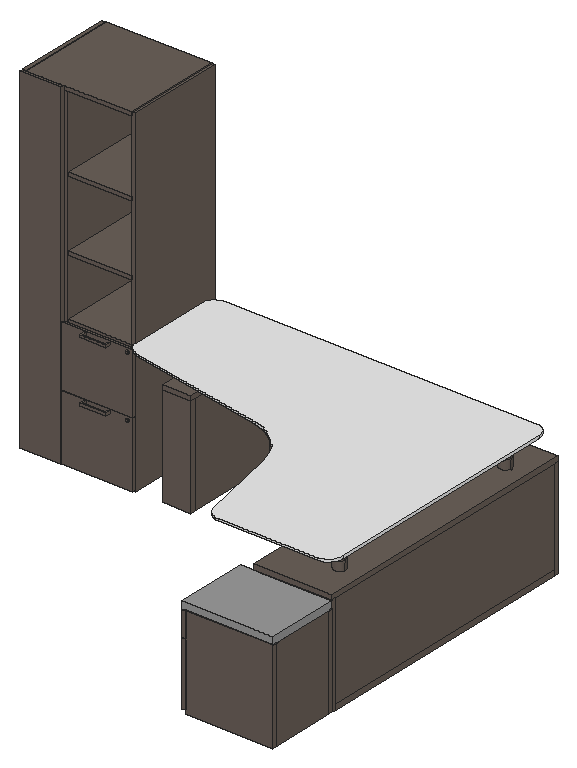
Revit family "OFS TYPICAL S100219", category Furniture, Revit 2022
Family settings
  OmniClass Number = 23.40.20.00
  OmniClass Title = General Furniture and Specialties
  Work Plane-Based = No
  Always vertical = Yes
  Cut with Voids When Loaded = No
  Render Appearance Source = Family Geometry
  Shared = No
  Room Calculation Point = No
Parameters (values of type "S100219")
  URL = "http://ofs.com/"
  Model = "S100219"
  Manufacturer = "OFS"
  Description = "OFS TYPICAL S100219"
  Default Elevation = 0' - 0"
  Copyright © = "©OFS 2024"
  Catalog = ""
  Authoring Version = "Autodesk Revit 2018"
  Assembly Code = "E2020200"
Reference planes (in)
  plane 1 "Center Front/Back": y = 0
  plane 2: z = 0
  plane 3 "Center Left/Right": x = 0
Dimensions and locks (in)
  aligned and locked: level to plane 2
Nested families (in)
  nested 1: "STAKS MOBILE PEDESTAL" at (52.74965, -46.89789, 0) x (0, -1, 0) z (0, 0, 1), type "STAKS MOBILE PEDESTAL Unfinished Top"
  nested 2: "STAKS SEAT CUSHION FOR MOBILE PEDESTAL" at (73.50035, -88.78911, 0) x (0, 1, 0) z (0, 0, 1), type "STAKS SEAT CUSHION FOR MOBILE PEDESTAL"
  nested 3: "STAKS WARDROBE DOOR-OPEN-FILE-FILE STORAGE TOWERS 72H Left" at (-32.86748, 1.08365, 0), type "STAKS WARDROBE OPEN-DOOR-FILE-FILE STORAGE TOWER 72H 24W Left Sided"
    with Height Above Floor 6' - 0"
  nested 4: "OFS STAKS HEIGHT ADJUSTABLE SWEEP TOP DESK 74x60 Top 16D Cabinet" at (59.75, -30, 0) x (0, -1, 0) z (0, 0, 1), type "HA Sweep Top Desk 74x60 Left w 16D Cabinet"
    with Worksurface Height 2' - 3", Right Column no, Right 4H4 no, Leg Caps Material OFS STAKS Chasis Wood Grain Laminate, Left Column no, Left 4H4 yes, H4H Height Adjustable Panel Base Option yes, Columns Finish OFS STAKS Chasis Wood Grain Laminate, Chassis Finish OFS STAKS Chasis Wood Grain Laminate
Definition of nested family "STAKS MOBILE PEDESTAL"
  Parameters (values of type "STAKS MOBILE PEDESTAL Finished Top")
    Wheel Caster Material = none
    URL = "http://www.ofs.com/"
    Top Thickness = 0' - 1 1/8"
    Top Surface Material = none
    Surface = yes
    Riser Support = 0' - 0 1/2"
    Model = "6-1619MP7"
    Manufacturer = "OFS"
    Height = 1' - 8 1/4"
    Drawer Material = none
    Drawer Handle Width = 0' - 5 7/16"
    Drawer Handle Material = none
    Description = "OFS STAKS MOBILE PEDESTAL Finished Top, No Cushion"
    Width = 1' - 3 5/8"
    Depth = 1' - 7 1/4"
    Default Elevation = 0' - 0"
    DH2 = 0' - 6 1/2"
    DH1 = 1' - 2 3/8"
    Copyright © = "© 2018 OFS"
    Chasis Material = none
    Catalog = "https://ofs.com/products/casegoods/private-office/staks"
    Board Thickness = 0' - 0 3/4"
    Authoring Version = "Autodesk Revit Architecture 2013"
    Assembly Code = "E2020200"
  Types (2): name | Surface | Model | Description
    STAKS MOBILE PEDESTAL Finished Top | yes | "6-1619MP7" | "OFS STAKS MOBILE PEDESTAL Finished Top, No Cushion"
    STAKS MOBILE PEDESTAL Unfinished Top | no | "6-1619MP8" | "OFS STAKS MOBILE PEDESTAL Unfinished Top, Must use with Cushion"
  Reference planes (in)
    plane 1: z = 0
    plane 2 "Right": x = 20.97711
    plane 3: z = 20.125
    plane 4: z = 14.875
    plane 5: z = 14.75
    plane 6: z = 0.5
    plane 7: z = 14.5
    plane 8: z = 19.875
    plane 9: z = 14.031
    plane 10: z = 19.40625
    plane 11: x = 13.16461
    plane 12: y = 1.50035
    plane 13: y = 0.75035
    plane 14: x = 13.22711
    plane 15: x = 28.72661
    plane 16: x = 13.91461
    plane 17: y = 20.00035
    plane 18: x = 28.78961
    plane 19: x = 28.03961
    plane 20: x = 18.25836
    plane 21: x = 18.63336
    plane 22: x = 23.69586
    plane 23: x = 23.32086
    plane 24: y = -0.06215
    plane 25: y = -0.24965
    plane 26: z = 0.75
    plane 27: y = 19.25035
    plane 28: z = 1.25
    plane 29: z = 20.25
    plane 30: z = 21.375
    plane 31: z = 2.25
    plane 32: z = 3
  Forms (in)
    Extrusion 1, solid, material <- "Drawer Material"
      sketch origin (20.35211, 2.25, -7.68015) x (0, 1, 0) y (0, 0, 1)
        loop
          line (-1.49965, 27.80515) -> (-1.49965, 22.55515) -> (-0.74965, 22.55515) -> (-0.74965, 27.80515) -> (-1.49965, 27.80515)
      from -7.125 to 8.3745
    Extrusion 2, solid, material <- "Chasis Material"
      sketch origin (-3, -1.24965, 0) x (1, 0, 0) y (0, 0, 1)
        loop
          line (16.16461, 0.5) -> (16.91461, 0.5) -> (16.91461, 20.125) -> (16.16461, 20.125) -> (16.16461, 0.5)
      from -21.25 to -2.75
    Extrusion 3, solid, material <- "Chasis Material"
      sketch origin (19.35211, 31.02324, 0) x (0, 1, 0) y (0, 0, 1)
        loop
          line (-11.77289, 0.5) -> (-11.02289, 0.5) -> (-11.02289, 20.125) -> (-11.77289, 20.125) -> (-11.77289, 0.5)
      from -5.4375 to 8.6875
    Extrusion 4, solid, material <- "Drawer Handle Material"
      sketch origin (9, 0, 20.67137) x (1, 0, 0) y (0, 1, 0)
        loop
          line (9.25836, 0.75035) -> (9.25836, -0.24965) -> (14.69586, -0.24965) -> (14.69586, 0.75035) -> (14.32086, 0.75035) -> (14.32086, -0.06215) -> (9.63336, -0.06215) -> (9.63336, 0.75035) -> (9.25836, 0.75035)
      from -1.26512 to -0.79637
    Extrusion 5, solid, material <- "Chasis Material"
      sketch origin (0, 0, 0) x (1, 0, 0) y (0, 1, 0)
        loop
          line (28.78961, 20.00035) -> (28.03961, 20.00035) -> (28.03961, 1.50035) -> (28.78961, 1.50035) -> (28.78961, 20.00035)
      from 0.5 to 20.125
    Extrusion 6, solid, material <- "Chasis Material"
      sketch origin (-29.79592, -7.12465, 7.24693) x (1, 0, 0) y (0, 0, 1)
        loop
          line (43.71054, 12.15932) -> (57.83554, 12.15932) -> (57.83554, 12.87807) -> (43.71054, 12.87807) -> (43.71054, 12.15932)
      from -26.375 to -8.625
    Extrusion 7, solid, material <- "Chasis Material"
      sketch origin (-31.5409, -1.62465, -42.72261) x (1, 0, 0) y (0, 0, 1)
        loop
          line (45.45551, 44.97261) -> (59.58051, 44.97261) -> (59.58051, 45.72261) -> (45.45551, 45.72261) -> (45.45551, 44.97261)
      from -20.875 to -3.125
    Extrusion 8, solid
      sketch origin (0, 0, 0) x (1, 0, 0) y (0, 1, 0)
        loop
          line (28.72661, 20.00035) -> (28.03961, 20.00035) -> (28.03961, 1.50035) -> (28.72661, 1.50035) -> (28.72661, 20.00035)
        loop
          line (13.22711, 20.00035) -> (13.22711, 1.50035) -> (13.91461, 1.50035) -> (13.91461, 20.00035) -> (13.22711, 20.00035)
      from 20.125 to 20.25
    Extrusion 9, solid, material <- "Wheel Caster Material"
      sketch origin (-12.02289, 0, 0) x (0, 1, 0) y (0, 0, 1)
        loop
          circle (17.50791, 0.94006) r 0.94006
        loop
          arc (16.53801, 0.5) -> (17.50791, 2.00512) -> (18.47781, 0.5) r 1.06506
          line (18.47781, 0.5) -> (18.61362, 0.5)
          arc (18.61362, 0.5) -> (17.50791, 2.13012) -> (16.4022, 0.5) r 1.19006
          line (16.4022, 0.5) -> (16.53801, 0.5)
        loop
          circle (3.25244, 0.94006) r 0.94006
        loop
          arc (2.28254, 0.5) -> (3.25244, 2.00512) -> (4.22233, 0.5) r 1.06506
          line (4.22233, 0.5) -> (4.35815, 0.5)
          arc (4.35815, 0.5) -> (3.25244, 2.13012) -> (2.14673, 0.5) r 1.19006
          line (2.14673, 0.5) -> (2.28254, 0.5)
      from 26.37597 to 26.87077
    Extrusion 10, solid, material <- "Wheel Caster Material"
      sketch origin (-10.98383, 0, 0) x (0, 1, 0) y (0, 0, 1)
        loop
          circle (17.50791, 0.94006) r 0.94006
        loop
          arc (16.53801, 0.5) -> (17.50791, 2.00512) -> (18.47781, 0.5) r 1.06506
          line (18.47781, 0.5) -> (18.61362, 0.5)
          arc (18.61362, 0.5) -> (17.50791, 2.13012) -> (16.4022, 0.5) r 1.19006
          line (16.4022, 0.5) -> (16.53801, 0.5)
        loop
          circle (3.25244, 0.94006) r 0.94006
        loop
          arc (2.28254, 0.5) -> (3.25244, 2.00512) -> (4.22233, 0.5) r 1.06506
          line (4.22233, 0.5) -> (4.35815, 0.5)
          arc (4.35815, 0.5) -> (3.25244, 2.13012) -> (2.14673, 0.5) r 1.19006
          line (2.14673, 0.5) -> (2.28254, 0.5)
      from 26.37597 to 26.87077
    Extrusion 11, solid, material <- "Wheel Caster Material"
      sketch origin (53.97711, 0, 0) x (0, 1, 0) y (0, 0, -1)
        loop
          circle (17.50791, -0.94006) r 0.94006
        loop
          line (16.53801, -0.5) -> (16.4022, -0.5)
          arc (16.4022, -0.5) -> (17.50791, -2.13012) -> (18.61362, -0.5) r 1.19006
          line (18.61362, -0.5) -> (18.47781, -0.5)
          arc (18.47781, -0.5) -> (17.50791, -2.00512) -> (16.53801, -0.5) r 1.06506
        loop
          circle (3.25244, -0.94006) r 0.94006
        loop
          line (2.28254, -0.5) -> (2.14673, -0.5)
          arc (2.14673, -0.5) -> (3.25244, -2.13012) -> (4.35815, -0.5) r 1.19006
          line (4.35815, -0.5) -> (4.22233, -0.5)
          arc (4.22233, -0.5) -> (3.25244, -2.00512) -> (2.28254, -0.5) r 1.06506
      from 26.37597 to 26.87077
    Extrusion 12, solid, material <- "Wheel Caster Material"
      sketch origin (52.93805, 0, 0) x (0, 1, 0) y (0, 0, -1)
        loop
          circle (17.50791, -0.94006) r 0.94006
        loop
          line (16.53801, -0.5) -> (16.4022, -0.5)
          arc (16.4022, -0.5) -> (17.50791, -2.13012) -> (18.61362, -0.5) r 1.19006
          line (18.61362, -0.5) -> (18.47781, -0.5)
          arc (18.47781, -0.5) -> (17.50791, -2.00512) -> (16.53801, -0.5) r 1.06506
        loop
          circle (3.25244, -0.94006) r 0.94006
        loop
          line (2.28254, -0.5) -> (2.14673, -0.5)
          arc (2.14673, -0.5) -> (3.25244, -2.13012) -> (4.35815, -0.5) r 1.19006
          line (4.35815, -0.5) -> (4.22233, -0.5)
          arc (4.22233, -0.5) -> (3.25244, -2.00512) -> (2.28254, -0.5) r 1.06506
      from 26.37597 to 26.87077
    Extrusion 13, solid, material <- "Top Surface Material", visible <- "Surface"
      sketch origin (-25.91712, 0.87535, -18.36336) x (1, 0, 0) y (0, 0, 1)
        loop
          line (39.08173, 38.61336) -> (54.70673, 38.61336) -> (54.70673, 39.73836) -> (39.08173, 39.73836) -> (39.08173, 38.61336)
      from -19.125 to 0.125
    Extrusion 14, solid, material <- "Top Surface Material", visible <- "Surface"
      sketch origin (-25.91712, 0.87535, -24.36336) x (1, 0, 0) y (0, 0, 1)
        loop
          line (39.83173, 38.39436) -> (53.95673, 38.39436) -> (53.95673, 39.23836) -> (39.83173, 39.23836) -> (39.83173, 38.39436)
      from -18.375 to -0.625
    Extrusion 15, solid, material <- "Drawer Material"
      sketch origin (16.97736, 2.25, -16.30921) x (0, 1, 0) y (0, 0, 1)
        loop
          line (-1.49965, 31.05921) -> (-1.49965, 17.55921) -> (-0.74965, 17.55921) -> (-0.74965, 31.05921) -> (-1.49965, 31.05921)
      from -3.75025 to 11.74925
    Extrusion 16, solid, material <- "Drawer Handle Material"
      sketch origin (8.56588, 0, 18.20936) x (1, 0, 0) y (0, 1, 0)
        loop
          line (9.69248, 0.75035) -> (9.69248, -0.24965) -> (15.12998, -0.24965) -> (15.12998, 0.75035) -> (14.75498, 0.75035) -> (14.75498, -0.06215) -> (10.06748, -0.06215) -> (10.06748, 0.75035) -> (9.69248, 0.75035)
      from -4.17836 to -3.70936
  Dimensions and locks (in)
    "Board Thickness": plane 13 to plane 12
    locked: plane 11 to plane 14 at 0.0625
    "Board Thickness": plane 11 to plane 16
    locked: plane 15 to plane 18 at 0.063
    "Width": plane 11 to plane 18
    Extrusion 5 sketch curve to plane 18 = 0' - 0 3/4"
    "Board Thickness": plane 19 to plane 18
    equal spacing: plane 11, plane 2 "Right", plane 18
    locked: plane 20 to plane 21 at 0.375
    locked: plane 23 to plane 22 at 0.375
    equal spacing: plane 20, plane 2 "Right", plane 22
    "Drawer Handle Width": plane 20 to plane 22
    plane 25 to plane 24 to plane 13 = 0' - 0 3/16" locked, 0' - 0 13/16" locked
    "Riser Support": plane 6 to level
    "DH1": plane 4 to plane 6
    locked: plane 26 to plane 6 at 0.25
    "Board Thickness": plane 27 to plane 17
    "Depth": plane 13 to plane 17
    plane 4 to plane 5 to plane 7 to plane 9 = 0' - 0 1/8" locked, 0' - 0 1/4" locked, 0' - 0.469" locked
    plane 3 to plane 8 to plane 10 = 0' - 0 1/4" locked, 0' - 0 15/32" locked
    "Board Thickness": plane 28 to plane 6
    locked: plane 29 to plane 3 at 0.125
    "Top Thickness": plane 30 to plane 29
    "Height": plane 29 to level
    locked: plane 31 to plane 28 at 1
    locked: plane 32 to plane 31 at 0.75
    aligned and locked: level to plane 1
    aligned and locked: Extrusion 1 to plane 12
    aligned and locked: plane 13 to Extrusion 1
    aligned and locked: plane 15 to Extrusion 1
    aligned and locked: Extrusion 1 to plane 14
    aligned and locked: plane 12 to Extrusion 2
    aligned and locked: Extrusion 2 to plane 17
    aligned and locked: Extrusion 3 to plane 16
    aligned and locked: plane 16 to Extrusion 2
    aligned and locked: Extrusion 2 to plane 11
    aligned and locked: Extrusion 3 to plane 17
    aligned and locked: plane 19 to Extrusion 3
    aligned and locked: plane 3 to Extrusion 2
    aligned and locked: Extrusion 4 to plane 22
    aligned and locked: plane 23 to Extrusion 4
    aligned and locked: plane 21 to Extrusion 4
    aligned and locked: Extrusion 4 to plane 20
    aligned and locked: plane 24 to Extrusion 4
    aligned and locked: plane 3 to Extrusion 3
    aligned and locked: Extrusion 5 to plane 19
    aligned and locked: plane 3 to Extrusion 5
    aligned and locked: Extrusion 5 to plane 6
    aligned and locked: plane 3 to Extrusion 6
    aligned and locked: Extrusion 6 to plane 10
    aligned and locked: Extrusion 7 to plane 27
    aligned and locked: plane 12 to Extrusion 7
    aligned and locked: plane 19 to Extrusion 7
    aligned and locked: Extrusion 7 to plane 16
    aligned and locked: Extrusion 8 to plane 3
    aligned and locked: plane 29 to Extrusion 8
    aligned and locked: plane 3 to Extrusion 1
    aligned and locked: plane 8 to Extrusion 4
    aligned and locked: Extrusion 4 to plane 10
    aligned and locked: Extrusion 6 to plane 27
    aligned and locked: plane 12 to Extrusion 6
    aligned and locked: Extrusion 7 to plane 31
    aligned and locked: plane 32 to Extrusion 7
    aligned and locked: Extrusion 13 to plane 29
    aligned and locked: plane 30 to Extrusion 13
    aligned and locked: Extrusion 13 to plane 17
    aligned and locked: Extrusion 13 to plane 11
    aligned and locked: plane 18 to Extrusion 13
    aligned and locked: plane 13 to Extrusion 13
    aligned and locked: Extrusion 14 to plane 9
    aligned and locked: plane 4 to Extrusion 14
    aligned and locked: Extrusion 14 to plane 16
    aligned and locked: plane 19 to Extrusion 14
    aligned and locked: Extrusion 14 to plane 27
    aligned and locked: plane 12 to Extrusion 14
    aligned and locked: Extrusion 1 to plane 4
    aligned and locked: plane 5 to Extrusion 15
    aligned and locked: Extrusion 15 to plane 14
    aligned and locked: plane 15 to Extrusion 15
    aligned and locked: Extrusion 15 to plane 28
    aligned and locked: plane 21 to Extrusion 16
    aligned and locked: Extrusion 16 to plane 20
    aligned and locked: Extrusion 16 to plane 22
    aligned and locked: plane 23 to Extrusion 16
    aligned and locked: Extrusion 16 to plane 9
    aligned and locked: plane 7 to Extrusion 16
  Automatic sketch dimensions
    Extrusion 1 sketch curve to plane 3 = 0' - 0"
    Extrusion 1 sketch curve to plane 13 = 0' - 0"
    Extrusion 1 sketch curve to plane 4 = 0' - 0"
    Extrusion 1 sketch curve to plane 12 = 0' - 0"
    Extrusion 2 sketch curve to plane 6 = 0' - 0"
    Extrusion 2 sketch curve to plane 11 = 0' - 0"
    Extrusion 2 sketch curve to plane 3 = 0' - 0"
    Extrusion 2 sketch curve to plane 16 = 0' - 0"
    Extrusion 3 sketch curve to plane 6 = 0' - 0"
    Extrusion 3 sketch curve to plane 3 = 0' - 0"
    Extrusion 3 sketch curve to plane 17 = 0' - 0"
    plane 27 to Extrusion 3 sketch curve = 0' - 0"
    plane 13 to Extrusion 4 sketch curve = 0' - 0"  (x2)
    Extrusion 4 sketch curve to plane 20 = 0' - 0"
    Extrusion 4 sketch curve to plane 21 = 0' - 0"
    Extrusion 4 sketch curve to plane 23 = 0' - 0"
    Extrusion 4 sketch curve to plane 22 = 0' - 0"
    plane 25 to Extrusion 4 sketch curve = 0' - 0"
    plane 24 to Extrusion 4 sketch curve = 0' - 0"
    plane 12 to Extrusion 5 sketch curve = 0' - 0"
    Extrusion 5 sketch curve to plane 18 = 0' - 0"
    plane 17 to Extrusion 5 sketch curve = 0' - 0"
    Extrusion 6 sketch curve to plane 10 = 0' - 0"
    Extrusion 6 sketch curve to plane 16 = 0' - 0"
    Extrusion 6 sketch curve to plane 3 = 0' - 0"
    Extrusion 6 sketch curve to plane 19 = 0' - 0"
    Extrusion 7 sketch curve to plane 16 = 0' - 0"
    Extrusion 7 sketch curve to plane 19 = 0' - 0"
    Extrusion 7 sketch curve to plane 31 = 0' - 0"
    Extrusion 7 sketch curve to plane 32 = 0' - 0"
    plane 12 to Extrusion 8 sketch curve = 0' - 0"  (x2)
    Extrusion 8 sketch curve to plane 14 = 0' - 0"
    Extrusion 8 sketch curve to plane 16 = 0' - 0"
    plane 17 to Extrusion 8 sketch curve = 0' - 0"  (x2)
    Extrusion 8 sketch curve to plane 19 = 0' - 0"
    Extrusion 8 sketch curve to plane 15 = 0' - 0"
    Extrusion 9 sketch curve to Extrusion 9 sketch curve = 0' - 0"  (x12)
    Extrusion 9 sketch curve to plane 6 = 0' - 0"  (x6)
    Extrusion 9 sketch curve to plane 12 = 0' - 0.64638"
    Extrusion 9 sketch curve to Extrusion 9 sketch curve = 0' - 0.13581"  (x2)
    Extrusion 9 sketch curve to Extrusion 9 sketch curve = 0' - 1.93979"
    plane 27 to Extrusion 9 sketch curve = 0' - 2.84815"
    plane 26 to Extrusion 9 sketch curve = 0' - 0.19006"  (x2)
    Extrusion 9 sketch curve to Extrusion 9 sketch curve = 0' - 0.9699"
    Extrusion 10 sketch curve to Extrusion 10 sketch curve = 0' - 0"  (x12)
    Extrusion 10 sketch curve to plane 6 = 0' - 0"  (x6)
    Extrusion 10 sketch curve to plane 12 = 0' - 0.64638"
    Extrusion 10 sketch curve to Extrusion 10 sketch curve = 0' - 0.13581"  (x2)
    Extrusion 10 sketch curve to Extrusion 10 sketch curve = 0' - 1.93979"
    plane 27 to Extrusion 10 sketch curve = 0' - 2.84815"
    plane 26 to Extrusion 10 sketch curve = 0' - 0.19006"  (x2)
    Extrusion 10 sketch curve to Extrusion 10 sketch curve = 0' - 0.9699"
    Extrusion 11 sketch curve to Extrusion 11 sketch curve = 0' - 0"  (x12)
    Extrusion 11 sketch curve to plane 6 = 0' - 0"  (x6)
    Extrusion 11 sketch curve to plane 12 = 0' - 0.64638"
    Extrusion 11 sketch curve to Extrusion 11 sketch curve = 0' - 0.13581"  (x2)
    Extrusion 11 sketch curve to Extrusion 11 sketch curve = 0' - 1.93979"
    plane 27 to Extrusion 11 sketch curve = 0' - 2.84815"
    plane 26 to Extrusion 11 sketch curve = 0' - 0.19006"  (x2)
    Extrusion 11 sketch curve to Extrusion 11 sketch curve = 0' - 0.9699"
    Extrusion 12 sketch curve to Extrusion 12 sketch curve = 0' - 0"  (x12)
    Extrusion 12 sketch curve to plane 6 = 0' - 0"  (x6)
    Extrusion 12 sketch curve to plane 12 = 0' - 0.64638"
    Extrusion 12 sketch curve to Extrusion 12 sketch curve = 0' - 0.13581"  (x2)
    Extrusion 12 sketch curve to Extrusion 12 sketch curve = 0' - 1.93979"
    plane 27 to Extrusion 12 sketch curve = 0' - 2.84815"
    plane 26 to Extrusion 12 sketch curve = 0' - 0.19006"  (x2)
    Extrusion 12 sketch curve to Extrusion 12 sketch curve = 0' - 0.9699"
    Extrusion 13 sketch curve to plane 11 = 0' - 0"
    Extrusion 13 sketch curve to plane 18 = 0' - 0"
    Extrusion 13 sketch curve to plane 29 = 0' - 0"
    Extrusion 13 sketch curve to plane 30 = 0' - 0"
    Extrusion 14 sketch curve to plane 9 = 0' - 0"
    Extrusion 14 sketch curve to plane 16 = 0' - 0"
    Extrusion 14 sketch curve to plane 4 = 0' - 0"
    Extrusion 14 sketch curve to plane 19 = 0' - 0"
    Extrusion 15 sketch curve to plane 5 = 0' - 0"
    Extrusion 15 sketch curve to plane 13 = 0' - 0"
    Extrusion 15 sketch curve to plane 12 = 0' - 0"
    Extrusion 15 sketch curve to plane 28 = 0' - 0"
    plane 13 to Extrusion 16 sketch curve = 0' - 0"  (x2)
    plane 25 to Extrusion 16 sketch curve = 0' - 0"
    plane 24 to Extrusion 16 sketch curve = 0' - 0"
    Extrusion 16 sketch curve to plane 20 = 0' - 0"
    plane 20 to Extrusion 16 sketch curve = 0' - 0 3/8"
    plane 23 to Extrusion 16 sketch curve = 0' - 0"
    Extrusion 16 sketch curve to plane 23 = 0' - 0 3/8"
    radius of Extrusion 9 sketch curve = 0' - 0.94006"  (x2)
    radius of Extrusion 10 sketch curve = 0' - 0.94006"  (x2)
    radius of Extrusion 11 sketch curve = 0' - 0.94006"  (x2)
    radius of Extrusion 12 sketch curve = 0' - 0.94006"  (x2)
Definition of nested family "STAKS SEAT CUSHION FOR MOBILE PEDESTAL"
  Parameters (values of type "STAKS SEAT CUSHION FOR MOBILE PEDESTAL")
    URL = "http://www.ofs.com/"
    Default Elevation = 0' - 0"
    Cushion Thickness = 0' - 1 1/2"
    Cushion Material = none
    Model = "6-1619SC2"
    Manufacturer = "OFS"
    Height = 1' - 8 1/4"
    Description = "OFS STAKS SEAT CUSHION FOR MOBILE PEDESTAL,"
    Width = 1' - 3 5/8"
    Depth = 1' - 7 1/4"
    Copyright © = "© 2018 OFS"
    Catalog = "https://ofs.com/products/casegoods/private-office/staks"
    Authoring Version = "Autodesk Revit Architecture 2013"
    Assembly Code = "E2020200"
  Reference planes (in)
    plane 1: z = 0
    plane 2 "Right": x = 20.97711
    plane 3: x = 13.16461
    plane 4: y = 1.50035
    plane 5: y = 0.75035
    plane 6: y = 20.00035
    plane 7: x = 28.78961
    plane 8: y = -0.06215
    plane 9: y = -0.24965
    plane 10: y = 19.25035
    plane 11: z = 20.25
    plane 12: z = 21.75
  Forms (in)
    Extrusion 1, solid, material <- "Cushion Material"
      sketch origin (-25.91712, 0.87535, -18.36336) x (1, 0, 0) y (0, 0, 1)
        loop
          line (39.08173, 38.61336) -> (54.70673, 38.61336) -> (54.70673, 40.11336) -> (39.08173, 40.11336) -> (39.08173, 38.61336)
      from -19.125 to 0.125
  Dimensions and locks (in)
    locked: plane 5 to plane 4 at 0.75
    "Width": plane 3 to plane 7
    equal spacing: plane 3, plane 2 "Right", plane 7
    plane 9 to plane 8 to plane 5 = 0' - 0 3/16" locked, 0' - 0 13/16" locked
    locked: plane 10 to plane 6 at 0.75
    "Depth": plane 5 to plane 6
    "Cushion Thickness": plane 12 to plane 11
    "Height": plane 11 to level
    aligned and locked: level to plane 1
    aligned and locked: Extrusion 1 to plane 11
    aligned and locked: plane 12 to Extrusion 1
    aligned and locked: Extrusion 1 to plane 6
    aligned and locked: Extrusion 1 to plane 3
    aligned and locked: plane 7 to Extrusion 1
    aligned and locked: plane 5 to Extrusion 1
  Automatic sketch dimensions
    Extrusion 1 sketch curve to plane 3 = 0' - 0"
    Extrusion 1 sketch curve to plane 7 = 0' - 0"
    Extrusion 1 sketch curve to plane 11 = 0' - 0"
    Extrusion 1 sketch curve to plane 12 = 0' - 0"
Definition of nested family "STAKS WARDROBE DOOR-OPEN-FILE-FILE STORAGE TOWERS 72H Left"
  Parameters (values of type "STAKS WARDROBE OPEN-DOOR-FILE-FILE STORAGE TOWER 72H 24W Left Sided")
    Wardrobe Width = 0' - 8 3/4"
    URL = "http://www.ofs.com/"
    Right Hinged = yes
    Left Hinged = yes
    Height Above Floor [instance] = 6' - 0"
    Height = 6' - 0"
    Front Doors Material = none
    Drawer Handle Width = 0' - 5 1/2"
    Drawer Handle Material = none
    Default Elevation = 0' - 0"
    Back Material = none
    Depth = 1' - 9 7/8"
    Model = "6-2472LSC9"
    Manufacturer = "OFS"
    Description = "OFS STAKS WARDROBE OPEN-DOOR-FILE-FILE STORAGE TOWER 72\" Height, 24\" Width, Left Sided"
    Width = 2' - 0"
    Copyright © = "© 2018 OFS"
    Catalog = "https://ofs.com/products/casegoods/private-office/staks"
    Board Material = none
    Board Thickness = 0' - 0 3/4"
    Authoring Version = "Autodesk Revit Architecture 2013"
    Assembly Code = "E2020200"
  Types (3): name | Wardrobe Width | Drawer Handle Width | Model | Description | Width
    STAKS WARDROBE OPEN-DOOR-FILE-FILE STORAGE TOWER 72H 40W Left Sided | 1' - 0 3/8" | 1' - 3 1/2" | "6-4072LSC9" | "OFS STAKS WARDROBE OPEN-DOOR-FILE-FILE STORAGE TOWER 72\" Height, 40\" Width, Left Sided" | 3' - 4"
    STAKS WARDROBE OPEN-DOOR-FILE-FILE STORAGE TOWER 72H 24W Left Sided | 0' - 8 3/4" | 0' - 5 1/2" | "6-2472LSC9" | "OFS STAKS WARDROBE OPEN-DOOR-FILE-FILE STORAGE TOWER 72\" Height, 24\" Width, Left Sided" | 2' - 0"
    STAKS WARDROBE OPEN-DOOR-FILE-FILE STORAGE TOWER 72H 36W Left Sided | 1' - 0 3/8" | 1' - 3 1/2" | "6-3672LSC9" | "OFS STAKS WARDROBE OPEN-DOOR-FILE-FILE STORAGE TOWER 72\" Height, 36\" Width, Left Sided" | 3' - 0"
  Reference planes (in)
    plane 1: z = -0.125
    plane 2 "LEFT": x = 17.61748
    plane 3 "RIGHT": x = 32.86748
    plane 4 "BACK": y = -1.83365
    plane 5 "FRONT": y = -22.20865
    plane 6: x = 18.36748
    plane 7: x = 32.11748
    plane 8: z = -0.125
    plane 9 "SURFACE TOP": z = 71.875
    plane 10: z = 0.625
    plane 11: x = 25.24248
    plane 12: z = 71.125
    plane 13: y = -12.02115
    plane 14: y = -11.64615
    plane 15: y = -12.39615
    plane 16: x = 25.61748
    plane 17: x = 24.86748
    plane 18: y = -1.08365
    plane 19: y = -22.95865
    plane 20: x = 32.80498
    plane 21: x = 17.67998
    plane 22: x = 25.27373
    plane 23: x = 25.21123
    plane 24: z = 0.125
    plane 25: z = 71.8125
    plane 26: z = 14.25
    plane 27: z = 14.125
    plane 28: z = 13.875
    plane 29: z = 13.375
    plane 30: z = 14.625
    plane 31: x = 27.61748
    plane 32: x = 27.99248
    plane 33: x = 22.86748
    plane 34: x = 22.49248
    plane 35: x = 31.74248
    plane 36: z = 27.625
    plane 37: z = 26.875
    plane 38: z = 27.125
    plane 39: z = 26.375
    plane 40: z = 27.25
    plane 41: z = 40.625
    plane 42: z = 39.875
    plane 43: z = 40.125
    plane 44: z = 39.375
    plane 45: z = 40.25
    plane 46: x = 8.86748
    plane 47: x = 9.61748
    plane 48: x = 8.92998
    plane 49: x = 20.86748
  Forms (in)
    Extrusion 1, solid, material <- "Board Material"
      sketch origin (0, 0, 71.875) x (0, 1, 0) y (-1, 0, 0)
        loop
          line (-1.83365, -9.61748) -> (-22.20865, -9.61748) -> (-22.20865, -32.11748) -> (-1.83365, -32.11748) -> (-1.83365, -9.61748)
      from -71.25 to -72
    Extrusion 2, solid, material <- "Board Material"
      sketch origin (0, 0, 71.875) x (0, 1, 0) y (-1, 0, 0)
        loop
          line (-1.08365, -9.61748) -> (-1.08365, -8.86748) -> (-22.20865, -8.86748) -> (-22.20865, -9.61748) -> (-1.08365, -9.61748)
        loop
          line (-1.08365, -32.86748) -> (-1.08365, -32.11748) -> (-22.20865, -32.11748) -> (-22.20865, -32.86748) -> (-1.08365, -32.86748)
      from 0 to -72
    Extrusion 3, solid, material <- "Board Material"
      sketch origin (0, 0, 27.375) x (0, 1, 0) y (-1, 0, 0)
        loop
          line (-1.08365, -9.61748) -> (-22.20865, -9.61748) -> (-22.20865, -32.11748) -> (-1.08365, -32.11748) -> (-1.08365, -9.61748)
      from 44.5 to 43.75
    Extrusion 4, solid, material <- "Back Material"
      sketch origin (30.99601, 21.63396, 71.875) x (0, 1, 0) y (-1, 0, 0)
        loop
          line (-22.71762, 21.37853) -> (-23.46762, 21.37853) -> (-23.46762, -1.12147) -> (-22.71762, -1.12147) -> (-22.71762, 21.37853)
      from -0.75 to -72
    Extrusion 5, solid, material <- "Front Doors Material"
      sketch origin (28.16665, -47.42089, -0.125) x (0, 1, 0) y (-1, 0, 0)
        loop
          line (25.21224, -4.63833) -> (25.21224, 10.48667) -> (24.46224, 10.48667) -> (24.46224, -4.63833) -> (25.21224, -4.63833)
      from 14.25 to 0.25
    Extrusion 6, solid, material <- "Drawer Handle Material"
      sketch origin (0, 0, -0.125) x (0, 1, 0) y (-1, 0, 0)
        loop
          line (-22.95865, -22.49248) -> (-23.95865, -22.49248) -> (-23.95865, -27.99248) -> (-22.95865, -27.99248) -> (-22.95865, -27.61748) -> (-23.77115, -27.61748) -> (-23.77115, -22.86748) -> (-22.95865, -22.86748) -> (-22.95865, -22.49248)
      from 14 to 13.5
    Extrusion 7, solid, material <- "Drawer Handle Material"
      sketch origin (-6, 0.50035, 0) x (1, 0, 0) y (0, 0, 1)
        loop
          circle (37.74248, 13.37515) r 0.3125
      from 23.54204 to 23.459
    Extrusion 8, solid, material <- "Board Material"
      sketch origin (0, 0, 19.375) x (0, 1, 0) y (-1, 0, 0)
        loop
          line (-1.83365, -18.36748) -> (-22.20865, -18.36748) -> (-22.20865, -32.11748) -> (-1.83365, -32.11748) -> (-1.83365, -18.36748)
      from 8.25 to 7.5
    Extrusion 9, solid, material <- "Board Material"
      sketch origin (3.86279, 0, 12.94625) x (0, 1, 0) y (-1, 0, 0)
        loop
          line (-1.83365, -14.5047) -> (-22.20865, -14.5047) -> (-22.20865, -28.2547) -> (-1.83365, -28.2547) -> (-1.83365, -14.5047)
      from 1.67876 to 0.92876
    Extrusion 10, solid, material <- "Front Doors Material"
      sketch origin (28.16665, -47.42089, 14) x (0, 1, 0) y (-1, 0, 0)
        loop
          line (25.21224, -4.63833) -> (25.21224, 10.48667) -> (24.46224, 10.48667) -> (24.46224, -4.63833) -> (25.21224, -4.63833)
      from 13.125 to 0.25
    Extrusion 11, solid, material <- "Drawer Handle Material"
      sketch origin (0, 0, 14) x (0, 1, 0) y (-1, 0, 0)
        loop
          line (-22.95865, -22.49248) -> (-23.95865, -22.49248) -> (-23.95865, -27.99248) -> (-22.95865, -27.99248) -> (-22.95865, -27.61748) -> (-23.77115, -27.61748) -> (-23.77115, -22.86748) -> (-22.95865, -22.86748) -> (-22.95865, -22.49248)
      from 12.875 to 12.375
    Extrusion 12, solid, material <- "Drawer Handle Material"
      sketch origin (-6, 0.50035, 13) x (1, 0, 0) y (0, 0, 1)
        loop
          circle (37.74248, 13.37515) r 0.3125
      from 23.54204 to 23.459
    Extrusion 13, solid, material <- "Board Material"
      sketch origin (0, 0, 32.375) x (0, 1, 0) y (-1, 0, 0)
        loop
          line (-1.83365, -18.36748) -> (-22.20865, -18.36748) -> (-22.20865, -32.11748) -> (-1.83365, -32.11748) -> (-1.83365, -18.36748)
      from 8.25 to 7.5
    Extrusion 14, solid, material <- "Board Material"
      sketch origin (0, 0, 47.375) x (0, 1, 0) y (-1, 0, 0)
        loop
          line (-1.83365, -18.36748) -> (-22.20865, -18.36748) -> (-22.20865, -32.11748) -> (-1.83365, -32.11748) -> (-1.83365, -18.36748)
      from 8.25 to 7.5
    Extrusion 15, solid, material <- "Board Material"
      sketch origin (-15.88944, -1.8523, 71.875) x (0, 1, 0) y (-1, 0, 0)
        loop
          line (0.01865, -34.25692) -> (0.01865, -33.50692) -> (-20.35635, -33.50692) -> (-20.35635, -34.25692) -> (0.01865, -34.25692)
      from -0.75 to -71.25
    Extrusion 16, solid, material <- "Front Doors Material", visible <- "Left Hinged"
      sketch origin (-1.10933, -39.7067, 28.66756) x (0, 1, 0) y (-1, 0, 0)
        loop
          line (17.49804, -10.03931) -> (16.74804, -10.03931) -> (16.74804, -18.72681) -> (17.49804, -18.72681) -> (17.49804, -10.03931)
      from 43.14494 to -28.54256
  Cuts and joins
    joined: Extrusion 13, Extrusion 14
  Lines and regions (in)
    symbolic lines
      curve 1: line (15.61748, 0.50035, -0.125) -> (15.61748, 0.50035, 19.88327)
    symbolic lines, visible <- "Left Hinged"
      curve 2: arc (25.21123, -22.95865, 71.875) -> (25.1248, -24.09639, 71.875) -> (24.86748, -25.208, 71.875) r 7.53125
      curve 5: line (24.86748, -25.208, 71.875) -> (17.67998, -22.95865, 71.875)
    symbolic lines, visible <- "Right Hinged"
      curve 3: arc (24.8142, -22.95865, 71.875) -> (25.01761, -24.75014, 71.875) -> (25.61748, -26.45041, 71.875) r 7.99078
      curve 4: line (25.61748, -26.45041, 71.875) -> (32.80498, -22.95865, 71.875)
  Dimensions and locks (in)
    "Width": plane 46 to plane 3 "RIGHT"
    "Height": plane 9 "SURFACE TOP" to plane 8
    "Board Thickness": plane 2 "LEFT" to plane 6
    "Board Thickness": plane 7 to plane 3 "RIGHT"
    "Height Above Floor": plane 9 "SURFACE TOP" to level
    "Board Thickness": plane 10 to plane 8
    equal spacing: plane 2 "LEFT", plane 11, plane 3 "RIGHT"
    "Board Thickness": plane 9 "SURFACE TOP" to plane 12
    equal spacing: plane 4 "BACK", plane 13, plane 5 "FRONT"
    equal spacing: plane 14, plane 13, plane 15
    "Board Thickness": plane 14 to plane 15
    equal spacing: plane 17, plane 11, plane 16
    "Board Thickness": plane 17 to plane 16
    "Depth": plane 18 to plane 19
    "Board Thickness": plane 18 to plane 4 "BACK"
    "Board Thickness": plane 5 "FRONT" to plane 19
    locked: plane 20 to plane 3 "RIGHT" at 0.0625
    locked: plane 2 "LEFT" to plane 21 at 0.0625
    plane 23 to plane 11 to plane 22 = 0' - 0 1/32" locked, 0' - 0 1/32" locked
    locked: plane 24 to plane 8 at 0.25
    locked: plane 9 "SURFACE TOP" to plane 25 at 0.0625
    locked: plane 26 to plane 27 at 0.125
    plane 29 to plane 28 to plane 27 = 0' - 0 1/2" locked, 0' - 0 1/4" locked
    locked: plane 26 to level at 14.375
    equal spacing: plane 34, plane 11, plane 32
    "Drawer Handle Width": plane 34 to plane 32
    locked: plane 3 "RIGHT" to plane 35 at 1.125
    plane 37 to level = 2' - 3"
    locked: plane 36 to plane 37 at 0.75
    plane 39 to plane 38 = 0' - 0 3/4"
    locked: plane 40 to plane 38 at 0.125
    locked: plane 41 to plane 42 at 0.75
    locked: plane 45 to plane 43 at 0.125
    "Wardrobe Width": plane 46 to plane 2 "LEFT"
    "Board Thickness": plane 46 to plane 47
    plane 46 to plane 48 = 0' - 0 1/16"
    equal spacing: plane 46, plane 49, plane 3 "RIGHT"
    plane 34 to plane 33 = 0' - 0 3/8"
    plane 31 to plane 32 = 0' - 0 3/8"
    aligned: level to plane 1
    aligned and locked: Extrusion 1 sketch curve to plane 4 "BACK"
    aligned and locked: plane 5 "FRONT" to Extrusion 1 sketch curve
    aligned and locked: Extrusion 1 sketch curve to plane 7
    aligned and locked: Extrusion 2 sketch curve to plane 5 "FRONT"
    aligned and locked: Extrusion 2 sketch curve to plane 3 "RIGHT"
    aligned and locked: plane 9 "SURFACE TOP" to Extrusion 3
    aligned and locked: Extrusion 3 to plane 12
    aligned and locked: Extrusion 3 to plane 5 "FRONT"
    aligned and locked: Extrusion 3 to plane 7
    aligned and locked: Extrusion 4 to plane 4 "BACK"
    aligned and locked: plane 18 to Extrusion 4
    aligned and locked: Extrusion 3 to plane 18
    aligned and locked: plane 12 to Extrusion 4
    aligned and locked: plane 7 to Extrusion 4
    aligned and locked: Extrusion 4 to plane 8
    aligned and locked: plane 21 to Extrusion 5
    aligned and locked: Extrusion 5 to plane 20
    aligned and locked: Extrusion 5 to plane 27
    aligned and locked: Extrusion 5 to plane 24
    aligned and locked: Extrusion 6 to plane 28
    aligned and locked: plane 29 to Extrusion 6
    aligned and locked: Extrusion 6 to plane 32
    aligned and locked: plane 34 to Extrusion 6
    aligned and locked: Extrusion 6 to plane 33
    aligned and locked: plane 31 to Extrusion 6
    aligned and locked: plane 4 "BACK" to Extrusion 8
    aligned and locked: Extrusion 8 to plane 7
    aligned and locked: Extrusion 8 to plane 6
    aligned and locked: Extrusion 8 to plane 5 "FRONT"
    aligned and locked: Extrusion 8 to plane 37
    aligned and locked: plane 36 to Extrusion 8
    aligned and locked: plane 28 to Extrusion 9
    aligned and locked: Extrusion 9 to plane 30
    aligned and locked: Extrusion 9 to plane 6
    aligned and locked: Extrusion 9 to plane 7
    aligned and locked: plane 4 "BACK" to Extrusion 9
    aligned and locked: Extrusion 9 to plane 5 "FRONT"
    aligned and locked: plane 39 to Extrusion 11
    aligned and locked: plane 37 to Extrusion 11
    aligned and locked: Extrusion 10 to plane 38
    aligned and locked: Extrusion 2 to plane 46
    aligned and locked: plane 47 to Extrusion 2
    aligned and locked: Extrusion 4 to plane 47
    aligned and locked: Extrusion 3 to plane 47
    aligned and locked: Extrusion 1 to plane 47
    aligned and locked: Extrusion 15 to plane 5 "FRONT"
    aligned and locked: plane 4 "BACK" to Extrusion 15
    aligned and locked: Extrusion 15 to plane 2 "LEFT"
    aligned and locked: Extrusion 15 to plane 6
    aligned and locked: Extrusion 15 to plane 10
    aligned and locked: plane 12 to Extrusion 15
    aligned and locked: Extrusion 16 to plane 48
    aligned and locked: Extrusion 16 to plane 2 "LEFT"
    aligned and locked: plane 5 "FRONT" to Extrusion 16
    aligned and locked: Extrusion 16 to plane 19
    aligned and locked: plane 25 to Extrusion 16
    aligned and locked: Extrusion 16 to plane 24
  Automatic sketch dimensions
    curve 1 to level = 0' - 0"
    curve 1 to plane 2 "LEFT" = 0' - 2"
    curve 1 to plane 30 = 0' - 5.25827"
    Extrusion 1 sketch curve to plane 47 = 0' - 0"
    Extrusion 2 sketch curve to plane 5 "FRONT" = 0' - 0"
    Extrusion 2 sketch curve to plane 7 = 0' - 0"
    Extrusion 2 sketch curve to plane 18 = 0' - 0"  (x2)
    Extrusion 2 sketch curve to plane 47 = 0' - 0"
    Extrusion 2 sketch curve to plane 46 = 0' - 0"
    Extrusion 3 sketch curve to plane 5 "FRONT" = 0' - 0"
    Extrusion 3 sketch curve to plane 18 = 0' - 0"
    Extrusion 3 sketch curve to plane 7 = 0' - 0"
    Extrusion 3 sketch curve to plane 47 = 0' - 0"
    Extrusion 4 sketch curve to plane 4 "BACK" = 0' - 0"
    Extrusion 4 sketch curve to plane 18 = 0' - 0"
    Extrusion 4 sketch curve to plane 7 = 0' - 0"
    Extrusion 4 sketch curve to plane 47 = 0' - 0"
    curve 4 to plane 16 = 0' - 0"
    curve 5 to plane 17 = 0' - 0"
    curve 4 to plane 19 = 0' - 3.49176"
    curve 2 to plane 19 = 0' - 0"
    curve 4 to plane 19 = 0' - 0"
    curve 3 to plane 19 = 0' - 0"
    curve 5 to plane 19 = 0' - 0"
    curve 3 to plane 20 = 0' - 0"
    curve 4 to plane 20 = 0' - 0"
    curve 2 to plane 23 = 0' - 0"
    curve 2 to plane 21 = 0' - 0"
    curve 5 to plane 21 = 0' - 0"
    Extrusion 5 sketch curve to plane 19 = 0' - 0"
    Extrusion 5 sketch curve to plane 5 "FRONT" = 0' - 0"
    Extrusion 5 sketch curve to plane 21 = 0' - 0"
    Extrusion 5 sketch curve to plane 20 = 0' - 0"
    Extrusion 6 sketch curve to plane 34 = 0' - 0"
    Extrusion 6 sketch curve to plane 32 = 0' - 0"
    Extrusion 6 sketch curve to plane 33 = 0' - 0"
    Extrusion 6 sketch curve to plane 31 = 0' - 0"
    Extrusion 6 sketch curve to plane 19 = 0' - 0"  (x2)
    Extrusion 6 sketch curve to plane 19 = 0' - 0 13/16"
    Extrusion 6 sketch curve to Extrusion 6 sketch curve = 0' - 0 3/16"
    Extrusion 7 sketch curve to plane 35 = 0' - 0"
    Extrusion 7 sketch curve to plane 29 = 0' - 0.00015"
    Extrusion 8 sketch curve to plane 5 "FRONT" = 0' - 0"
    Extrusion 8 sketch curve to plane 4 "BACK" = 0' - 0"
    Extrusion 8 sketch curve to plane 7 = 0' - 0"
    Extrusion 8 sketch curve to plane 6 = 0' - 0"
    Extrusion 9 sketch curve to plane 5 "FRONT" = 0' - 0"
    Extrusion 9 sketch curve to plane 4 "BACK" = 0' - 0"
    Extrusion 9 sketch curve to plane 7 = 0' - 0"
    Extrusion 9 sketch curve to plane 6 = 0' - 0"
    Extrusion 10 sketch curve to plane 19 = 0' - 0"
    Extrusion 10 sketch curve to plane 5 "FRONT" = 0' - 0"
    Extrusion 10 sketch curve to plane 21 = 0' - 0"
    Extrusion 10 sketch curve to plane 20 = 0' - 0"
    Extrusion 11 sketch curve to plane 34 = 0' - 0"
    Extrusion 11 sketch curve to plane 32 = 0' - 0"
    Extrusion 11 sketch curve to plane 33 = 0' - 0"
    Extrusion 11 sketch curve to plane 31 = 0' - 0"
    Extrusion 11 sketch curve to plane 19 = 0' - 0"  (x2)
    Extrusion 11 sketch curve to plane 19 = 0' - 0 13/16"
    Extrusion 11 sketch curve to Extrusion 11 sketch curve = 0' - 0 3/16"
    Extrusion 12 sketch curve to plane 35 = 0' - 0"
    Extrusion 12 sketch curve to plane 39 = 0' - 0.00015"
    Extrusion 13 sketch curve to plane 5 "FRONT" = 0' - 0"
    Extrusion 13 sketch curve to plane 4 "BACK" = 0' - 0"
    Extrusion 13 sketch curve to plane 7 = 0' - 0"
    Extrusion 13 sketch curve to plane 6 = 0' - 0"
    Extrusion 14 sketch curve to plane 5 "FRONT" = 0' - 0"
    Extrusion 14 sketch curve to plane 4 "BACK" = 0' - 0"
    Extrusion 14 sketch curve to plane 7 = 0' - 0"
    Extrusion 14 sketch curve to plane 6 = 0' - 0"
    Extrusion 15 sketch curve to plane 5 "FRONT" = 0' - 0"
    Extrusion 15 sketch curve to plane 4 "BACK" = 0' - 0"
    Extrusion 15 sketch curve to plane 6 = 0' - 0"
    Extrusion 15 sketch curve to plane 2 "LEFT" = 0' - 0"
    Extrusion 16 sketch curve to plane 47 = 0' - 0 11/16"
    Extrusion 16 sketch curve to plane 19 = 0' - 0"
    plane 2 "LEFT" to Extrusion 16 sketch curve = 0' - 0"
    plane 19 to Extrusion 16 sketch curve = 0' - 0 3/4"
    radius of Extrusion 7 sketch curve = 0' - 0 5/16"
    radius of Extrusion 12 sketch curve = 0' - 0 5/16"
Definition of nested family "OFS STAKS HEIGHT ADJUSTABLE SWEEP TOP DESK 74x60 Top 16D Cabinet"
  Parameters (values of type "HA Sweep Top Desk 74x60 Right w 16D Cabinet")
    Worksurface Finish = none
    Width = 5' - 0"
    URL = "https://ofs.com/"
    Shelves Finish = none
    Right Column [instance] = and(Right, not(H4H Height Adjustable Panel Base Option))  # no
    Right 4H4 [instance] = and(Right, H4H Height Adjustable Panel Base Option)  # yes
    Right = yes
    Leg Caps Material [instance] = none
    Left Column [instance] = and(Left, not(H4H Height Adjustable Panel Base Option))  # no
    Left 4H4 [instance] = and(Left, H4H Height Adjustable Panel Base Option)  # no
    Left = no
    H4H Height Adjustable Panel Base Option [instance] = yes
    Depth = 6' - 2"
    Model = "6-7460HASWTRS"
    Manufacturer = "OFS"
    Height = 0' - 1 3/16"
    Description = "OFS STAKS HEIGHT ADJUSTABLE SWEEP TOP DESK Right Sided, 60\"W x 16.5\"D Low Height Cabinet, 72\"W x 58\"D Worksurface"
    Default Elevation = 0' - 0"
    Copyright © = "©OFS 2021"
    Columns Finish [instance] = none
    Chassis Finish [instance] = none
    Catalog = "https://ofs.com/products/casegoods/private-office/staks"
    Worksurface Height [instance] = 2' - 3"
    Cabinet Storage Approach = none
    Authoring Version = "Autodesk Revit Architecture 2015"
    Assembly Code = "E2020200"
  Types (3): name | Right 4H4 | Right | Left 4H4 | Left | Model | Description
    (no name) | yes | yes | no | no | "6-7460HASWTRS" | "OFS STAKS HEIGHT ADJUSTABLE SWEEP TOP DESK Right Sided, 60\"W x 16.5\"D Low Height Cabinet, 72\"W x 58\"D Worksurface"
    HA Sweep Top Desk 74x60 Left w 16D Cabinet | no | no | yes | yes | "6-7460HASWTLS" | "OFS STAKS HEIGHT ADJUSTABLE SWEEP TOP DESK Left Sided, 60\"W x 16.5\"D Low Height Cabinet, 72\"W x 58\"D Worksurface"
    HA Sweep Top Desk 74x60 Right w 16D Cabinet | yes | yes | no | no | "6-7460HASWTRS" | "OFS STAKS HEIGHT ADJUSTABLE SWEEP TOP DESK Right Sided, 60\"W x 16.5\"D Low Height Cabinet, 72\"W x 58\"D Worksurface"
  Reference planes (in)
    plane 1 "Back End": y = 13
    plane 2: z = 0
    plane 3 "Center Left/Right": x = 0
    plane 4 "Left End": x = -30
    plane 5 "Front End": y = -61
    plane 6 "Right End": x = 30
    plane 7 "Height Top": z = 28.1875
    plane 8: z = 27
    plane 9 "Center Front/Back": y = -24
    plane 10: z = 24.625
    plane 11: z = 22.25
    plane 12: z = 26.875
  Forms (in)
    Extrusion 1, solid, material <- "Columns Finish", visible <- "Right"
      sketch origin (-24, -25.75, 0) x (0, 1, 0) y (-1, 0, 0)
        loop
          circle (-24.4997, -43.08789) r 1.125
      from 24.625 to 26.875
    Extrusion 2, solid, material <- "Columns Finish", visible <- "Right"
      sketch origin (-24, -25.75, 0) x (0, 1, 0) y (-1, 0, 0)
        loop
          circle (-24.4997, -43.08789) r 1.25
      from 22.25 to 24.625
    Extrusion 3, solid, material <- "Columns Finish", visible <- "Right Column"
      sketch origin (-24, -25.75, 0) x (0, 1, 0) y (-1, 0, 0)
        loop
          circle (-24.4997, -43.08789) r 1.375
      from 0 to 22.25
    Extrusion 4, solid, material <- "Columns Finish"
      sketch origin (-24, -19.75, 0) x (0, 1, 0) y (-1, 0, 0)
        loop
          line (24, -44) -> (24, -50) -> (30, -50) -> (30, -44) -> (24, -44)
        loop
          line (24, -4) -> (30, -4) -> (30, 2) -> (24, 2) -> (24, -4)
      from 26.875 to 27
    Extrusion 5, solid, material <- "Columns Finish"
      sketch origin (-21.08789, 26.75266, 0) x (0, 1, 0) y (-1, 0, 0)
        loop
          circle (-18.4997, -43.08789) r 1.125
      from 24.625 to 26.875
    Extrusion 6, solid, material <- "Columns Finish"
      sketch origin (-21.08789, 26.75266, 0) x (0, 1, 0) y (-1, 0, 0)
        loop
          circle (-18.4997, -43.08789) r 1.25
      from 22.25 to 24.625
    Extrusion 7, solid, material <- "Columns Finish"
      sketch origin (-21.08789, 26.75266, 0) x (0, 1, 0) y (-1, 0, 0)
        loop
          circle (-18.4997, -43.08789) r 1.375
      from 2.375 to 22.25
    Extrusion 8, solid, material <- "Columns Finish"
      sketch origin (-53.08789, 26.75266, 0) x (0, 1, 0) y (-1, 0, 0)
        loop
          circle (-18.4997, -31.08789) r 1.125
      from 24.625 to 26.875
    Extrusion 9, solid, material <- "Columns Finish"
      sketch origin (-53.08789, 26.75266, 0) x (0, 1, 0) y (-1, 0, 0)
        loop
          circle (-18.4997, -31.08789) r 1.25
      from 22.25 to 24.625
    Extrusion 10, solid, material <- "Columns Finish"
      sketch origin (-53.08789, 26.75266, 0) x (0, 1, 0) y (-1, 0, 0)
        loop
          circle (-18.4997, -31.08789) r 1.375
      from 2.375 to 22.25
    Extrusion 11, solid, material <- "Columns Finish", visible <- "Right"
      sketch origin (-24, -25.75, 0) x (0, 1, 0) y (-1, 0, 0)
        loop
          line (-26.4997, -40.08789) -> (-26.4997, -46.08789) -> (-20.4997, -46.08789) -> (-20.4997, -40.08789) -> (-26.4997, -40.08789)
      from 26.875 to 27
    Extrusion 12, solid, material <- "Columns Finish", visible <- "Left"
      sketch origin (24, -25.75, 0) x (0, 1, 0) y (-1, 0, 0)
        loop
          circle (-24.4997, 43.08789) r 1.125
      from 24.625 to 26.875
    Extrusion 13, solid, material <- "Columns Finish", visible <- "Left"
      sketch origin (24, -25.75, 0) x (0, 1, 0) y (-1, 0, 0)
        loop
          circle (-24.4997, 43.08789) r 1.25
      from 22.25 to 24.625
    Extrusion 14, solid, material <- "Columns Finish", visible <- "Left Column"
      sketch origin (24, -25.75, 0) x (0, 1, 0) y (-1, 0, 0)
        loop
          circle (-24.4997, 43.08789) r 1.375
      from 0 to 22.25
    Extrusion 15, solid, material <- "Columns Finish", visible <- "Left"
      sketch origin (24, -25.75, 0) x (0, 1, 0) y (-1, 0, 0)
        loop
          line (-26.4997, 40.08789) -> (-20.4997, 40.08789) -> (-20.4997, 46.08789) -> (-26.4997, 46.08789) -> (-26.4997, 40.08789)
      from 26.875 to 27
  Dimensions and locks (in)
    "Height": plane 7 "Height Top" to plane 8
    "Worksurface Height": plane 8 to level
    "Depth": plane 5 "Front End" to plane 1 "Back End"
    equal spacing: plane 4 "Left End", plane 3 "Center Left/Right", plane 6 "Right End"
    "Width": plane 4 "Left End" to plane 6 "Right End"
    equal spacing: plane 5 "Front End", plane 9 "Center Front/Back", plane 1 "Back End"
    locked: plane 11 to level at 22.25
    equal spacing: plane 8, plane 10, plane 11
    locked: plane 8 to plane 12 at 0.125
    aligned and locked: level to plane 2
    aligned and locked: plane 7 "Height Top" to nested 2
    aligned and locked: plane 8 to Extrusion 15
    aligned and locked: Extrusion 4 to plane 8
    aligned and locked: Extrusion 11 to plane 8
    aligned and locked: plane 12 to Extrusion 11
    aligned and locked: Extrusion 4 to plane 12
    aligned and locked: Extrusion 15 to plane 12
    aligned and locked: plane 12 to Extrusion 12
    aligned and locked: plane 12 to Extrusion 8
    aligned and locked: Extrusion 1 to plane 12
    aligned and locked: Extrusion 5 to plane 12
    aligned and locked: Extrusion 2 to plane 10
    aligned and locked: plane 10 to Extrusion 1
    aligned and locked: Extrusion 6 to plane 10
    aligned and locked: plane 10 to Extrusion 5
    aligned and locked: plane 10 to Extrusion 13
    aligned and locked: Extrusion 12 to plane 10
    aligned and locked: plane 10 to Extrusion 9
    aligned and locked: Extrusion 8 to plane 10
    aligned and locked: nested 5 to plane 7 "Height Top"
  Automatic sketch dimensions
    plane 5 "Front End" to Extrusion 1 sketch curve = 0' - 10.7503"
    plane 6 "Right End" to Extrusion 1 sketch curve = 0' - 10.91211"
    Extrusion 2 sketch curve to Extrusion 2 sketch curve = 0' - 0"  (x2)
    plane 5 "Front End" to Extrusion 2 sketch curve = 0' - 10.7503"
    plane 6 "Right End" to Extrusion 2 sketch curve = 0' - 10.91211"
    Extrusion 2 sketch curve to Extrusion 2 sketch curve = 0' - 1 1/4"
    Extrusion 3 sketch curve to Extrusion 3 sketch curve = 0' - 0"  (x2)
    plane 5 "Front End" to Extrusion 3 sketch curve = 0' - 10.7503"
    plane 6 "Right End" to Extrusion 3 sketch curve = 0' - 10.91211"
    Extrusion 3 sketch curve to Extrusion 3 sketch curve = 0' - 1 3/8"
    plane 1 "Back End" to Extrusion 4 sketch curve = 0' - 8 3/4"  (x2)
    plane 4 "Left End" to Extrusion 4 sketch curve = 0' - 4"
    plane 1 "Back End" to Extrusion 4 sketch curve = 0' - 2 3/4"  (x2)
    Extrusion 4 sketch curve to Extrusion 4 sketch curve = 0' - 6"
    plane 6 "Right End" to Extrusion 4 sketch curve = 0' - 10"
    plane 6 "Right End" to Extrusion 4 sketch curve = 0' - 4"
    plane 1 "Back End" to Extrusion 5 sketch curve = 0' - 4.74705"
    plane 6 "Right End" to Extrusion 5 sketch curve = 0' - 8"
    Extrusion 6 sketch curve to Extrusion 6 sketch curve = 0' - 0"  (x2)
    plane 1 "Back End" to Extrusion 6 sketch curve = 0' - 4.74705"
    plane 6 "Right End" to Extrusion 6 sketch curve = 0' - 8"
    Extrusion 6 sketch curve to Extrusion 6 sketch curve = 0' - 1 1/4"
    Extrusion 7 sketch curve to Extrusion 7 sketch curve = 0' - 0"  (x2)
    plane 1 "Back End" to Extrusion 7 sketch curve = 0' - 4.74705"
    plane 6 "Right End" to Extrusion 7 sketch curve = 0' - 8"
    Extrusion 7 sketch curve to Extrusion 7 sketch curve = 0' - 1 3/8"
    plane 1 "Back End" to Extrusion 8 sketch curve = 0' - 4.74705"
    plane 4 "Left End" to Extrusion 8 sketch curve = 0' - 8"
    Extrusion 9 sketch curve to Extrusion 9 sketch curve = 0' - 0"  (x2)
    plane 1 "Back End" to Extrusion 9 sketch curve = 0' - 4.74705"
    plane 4 "Left End" to Extrusion 9 sketch curve = 0' - 8"
    Extrusion 9 sketch curve to Extrusion 9 sketch curve = 0' - 1 1/4"
    Extrusion 10 sketch curve to Extrusion 10 sketch curve = 0' - 0"  (x2)
    plane 1 "Back End" to Extrusion 10 sketch curve = 0' - 4.74705"
    plane 4 "Left End" to Extrusion 10 sketch curve = 0' - 8"
    Extrusion 10 sketch curve to Extrusion 10 sketch curve = 0' - 1 3/8"
    plane 5 "Front End" to Extrusion 11 sketch curve = 0' - 8.7503"
    Extrusion 11 sketch curve to Extrusion 11 sketch curve = 0' - 6"  (x2)
    plane 6 "Right End" to Extrusion 11 sketch curve = 0' - 7.91211"
    Extrusion 12 sketch curve to plane 5 "Front End" = 0' - 10.7503"
    Extrusion 12 sketch curve to plane 4 "Left End" = 0' - 10.91211"
    Extrusion 13 sketch curve to Extrusion 13 sketch curve = 0' - 0"  (x2)
    Extrusion 13 sketch curve to plane 5 "Front End" = 0' - 10.7503"
    Extrusion 13 sketch curve to plane 4 "Left End" = 0' - 10.91211"
    Extrusion 13 sketch curve to Extrusion 13 sketch curve = 0' - 1 1/4"
    Extrusion 14 sketch curve to Extrusion 14 sketch curve = 0' - 0"  (x2)
    Extrusion 14 sketch curve to plane 5 "Front End" = 0' - 10.7503"
    Extrusion 14 sketch curve to plane 4 "Left End" = 0' - 10.91211"
    Extrusion 14 sketch curve to Extrusion 14 sketch curve = 0' - 1 3/8"
    Extrusion 15 sketch curve to plane 5 "Front End" = 0' - 8.7503"
    Extrusion 15 sketch curve to Extrusion 15 sketch curve = 0' - 6"  (x2)
    Extrusion 15 sketch curve to plane 4 "Left End" = 0' - 7.91211"
    radius of Extrusion 1 sketch curve = 0' - 1 1/8"
    radius of Extrusion 5 sketch curve = 0' - 1 1/8"
    radius of Extrusion 8 sketch curve = 0' - 1 1/8"
    radius of Extrusion 12 sketch curve = 0' - 1 1/8"
  Nested families (in)
    nested 1: "Aptos Modular Low Height Cabinets" at (0, 13, 0), Chassis Finish <- "Chassis Finish", Leg Caps Material <- "Leg Caps Material", Column Finish <- "Columns Finish", Worksurface Approach Finish <- "Worksurface Finish", Shelf Finish <- "Shelves Finish", Cabinet Storage Approach Finish <- "Cabinet Storage Approach", type "APTOS HEIGHT ADJUSTABLE SWEEP TOP DESK"
      with Worksurface Approach Finish none, Shelf Finish none, Leg Caps Material none, Column Finish none, Chassis Finish none, Cabinet Storage Approach Finish none, Width 5' - 0", Depth 1' - 4 1/2"
    nested 2: "APTOS SWEEP ELEVATED RUNOFF WORKSURFACE RIGHT - WOOD TOP for 18D Cabinets" at (-24, -23.7503, -1.3125) x (0, 1, 0) z (0, 0, 1), visible <- "Right", type "APTOS SWEEP ELEVATED RUNOFF WORKSURFACE 66" x 52" RIGHT OPEN END - WOOD TOP"
    nested 3: "H4H" at (-19, -53.25, 0) x (-1, 0, 0) z (0, 0, 1), visible <- "Left 4H4", Column Material <- "Columns Finish", Board Material <- "Chassis Finish", Leg Caps Material <- "Leg Caps Material", type "H4H"
      with Leg Caps Material none, Column Material none, Board Material none
    nested 4: "H4H" at (19, -53.25, 0), visible <- "Right 4H4", Column Material <- "Columns Finish", Board Material <- "Chassis Finish", Leg Caps Material <- "Leg Caps Material", type "H4H"
      with Leg Caps Material none, Column Material none, Board Material none
    nested 5: "APTOS SWEEP ELEVATED RUNOFF WORKSURFACE RIGHT - WOOD TOP for 18D Cabinets" at (24, -23.7503, -1.3125) x (0, 1, 0) z (0, 0, 1), visible <- "Left", type "APTOS SWEEP ELEVATED RUNOFF WORKSURFACE 66" x 52" RIGHT OPEN END - WOOD TOP"
  Definition of nested family "Aptos Modular Low Height Cabinets"
    Parameters (values of type "APTOS HEIGHT ADJUSTABLE SWEEP TOP DESK")
      Width = 4' - 6"
      URL = "http://ofsbrands.com"
      Top Board, Back Offset = 0' - 0"
      Shelf Finish [instance] = none
      Shelf Height = 0' - 10 9/16"
      Default Elevation = 0' - 0"
      Cabinet Storage Approach Finish [instance] = none
      Drawer Width = 1' - 2 3/4"
      Drawer Gap = 0' - 0 7/8"
      Worksurface Approach Finish [instance] = none
      Column Finish [instance] = none
      Box Width = 1' - 10 3/4"
      Bottom Drawer Height = 1' - 0"
      Board Thick Door = 0' - 1"
      Depth = 1' - 10"
      Chassis Finish [instance] = none
      Model = ""
      Manufacturer = "OFS"
      Leg Caps Material [instance] = none
      Leg Offset = 0' - 2"
      Board Thick Internal = 0' - 0 3/4"
      Height = 1' - 10 7/8"
      Description = "OFS BRANDS OFS APTOS"
      Copyright © = "© OFS BRANDS 2017"
      Catalog = "APTOS http://ofsbrands.com/products/casegoods/private-office/aptos"
      Bottom Board Offset = 0' - 0 1/2"
      Board Thick Top and Bot = 0' - 1"
      Board Thick Shelfs = 0' - 0 3/4"
      Board Thick Sides = 0' - 0 3/4"
      Board Thick Front = 0' - 0 3/4"
      Board Thick Back = 0' - 0 3/4"
      Authoring Version = "Autodesk Revit Architecture 2013"
      Assembly Code = "E2020200"
    Reference planes (in)
      plane 1 "Center Front/Back": y = 0
      plane 2: z = 0
      plane 3 "Center Left/Right": x = 0
      plane 4 "Left End": x = -27
      plane 5 "Front End": y = -21
      plane 6 "Right End": x = 27
      plane 7 "Back End": y = 0
      plane 8 "Height Top": z = 22.875
      plane 9: x = -26.25
      plane 10: x = 26.25
      plane 11: z = 11.3125
      plane 12: z = 12.0625
      plane 13: z = 21.875
      plane 14: z = 0.5
      plane 15: z = 1.5
      plane 16: y = -20.25
      plane 17: y = -2
      plane 18: y = -2
      plane 19: y = -19
      plane 20: y = -19
      plane 21: x = -25
      plane 22: x = 25
      plane 23: x = 25
      plane 24: x = -25
      plane 25: x = -12.125
      plane 26: x = -11.375
      plane 27: y = -22
      plane 28: y = -0.75
      plane 29: x = 12.125
      plane 30: x = 11.375
      plane 31: y = 0
      plane 32: y = -2.75
    Forms (in)
      Extrusion 1, solid, material <- "Chassis Finish"
        sketch origin (0, 0, 0) x (1, 0, 0) y (0, 1, 0)
          loop
            line (-27, 0) -> (-27, -21) -> (-26.25, -21) -> (-26.25, 0) -> (-27, 0)
        from 0.5 to 21.875
      Extrusion 2, solid, material <- "Chassis Finish"
        sketch origin (0, 0, 0) x (-1, 0, 0) y (0, -1, 0)
          loop
            line (-27, 0) -> (-26.25, 0) -> (-26.25, 21) -> (-27, 21) -> (-27, 0)
        from 0.5 to 21.875
      Extrusion 3, solid, material <- "Chassis Finish"
        sketch origin (0, 0, 0) x (1, 0, 0) y (0, 1, 0)
          loop
            line (-26.25, 0) -> (-26.25, -21) -> (26.25, -21) -> (26.25, 0) -> (-26.25, 0)
        from 0.5 to 1.5
      Extrusion 4, solid, material <- "Chassis Finish"
        sketch origin (0, 0, 0) x (1, 0, 0) y (0, 1, 0)
          loop
            line (-27, 0) -> (-27, -22) -> (27, -22) -> (27, 0) -> (-27, 0)
        from 21.875 to 22.875
      Revolve 5, solid, material <- "Leg Caps Material"
        sketch origin (0, -2, 0) x (-1, 0, 0) y (0, 0, 1)
          loop
            line (24, 0.28743) -> (24.5, 0.28743)
            arc (24.5, 0.28743) -> (24.35629, 0.14371) -> (24.5, 0) r 0.14371
            line (24.5, 0) -> (25, 0) -> (25, 0.5) -> (24, 0.5) -> (24, 0.28743)
          axis (25, 0.5) -> (25, 0)
        angle from 0 to 360
      Revolve 6, solid, material <- "Leg Caps Material"
        sketch origin (0, -2, 0) x (1, 0, 0) y (0, 0, -1)
          loop
            line (24, -0.28743) -> (24, -0.5) -> (25, -0.5) -> (25, 0) -> (24.5, 0)
            arc (24.5, 0) -> (24.35629, -0.14371) -> (24.5, -0.28743) r 0.14371
            line (24.5, -0.28743) -> (24, -0.28743)
